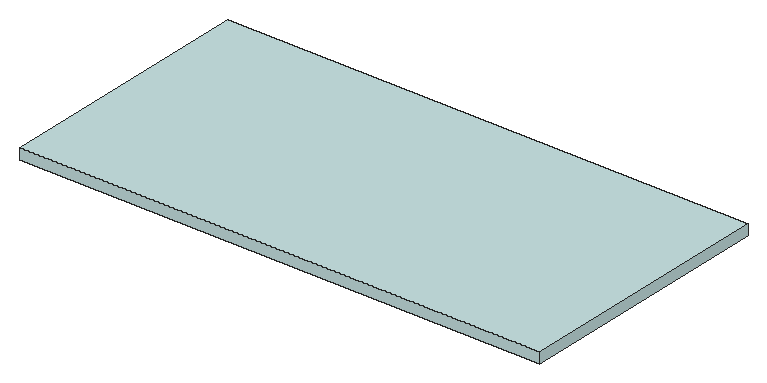
Revit family "Echo Eliminator - Composite Ceiling and Wall Panels", category Specialty Equipment, Revit 2023
Family settings
  Round Connector Dimension = Use Diameter
  Part Type = Normal
  OmniClass Number = 23.35.00.00
  OmniClass Title = Covering, Cladding, and Finishes
  Work Plane-Based = Yes
  Enable Cutting in Views = Yes
  Always vertical = No
  Cut with Voids When Loaded = No
  Maintain Annotation Orientation = No
  Shared = No
  Room Calculation Point = No
Parameters (values of type "4 INCH THICK - 24x48 - Charcoal")
  URL = "https://www.acousticalsurfaces.com/echo-eliminator/composite/"
  Type Comments = "Acoustical Panels"
  Recycled Content Percentage = "0%"
  Model = "Echo Eliminator - Composite Panels"
  Material = "Echo Eliminator - Composite"
  Manufacturer = "Acoustical Surfaces, Inc."
  Fire Rating = "ASTM E84 - Class A"
  Finish = Paint - Acoustical-Surfaces - Echo Eliminator - Marble Blue
  Width = 2' - 0"
  Length = 4' - 0"
  Description = "Acoustical Panels"
  Default Elevation = 4' - 0"
  Assembly Code = "C30"
  Acoustics - NRC = "Sound absorption varies from NRC 0.45 to 0.95 based on installation method used when tested per ASTM C423."
  A = 0' - 0"
Reference planes (in)
  plane 1 "Center (Front/Back)": y = 0
  plane 2: z = 0
  plane 3 "Center (Left/Right)": x = 0
  plane 4: x = -24
  plane 5: x = 24
  plane 6: y = 12
  plane 7: y = -12
  plane 8: z = 1
Dimensions and locks (in)
  "A": nested 1 to level
  equal spacing: plane 7, plane 1 "Center (Front/Back)", plane 6
  "Width": plane 7 to plane 6
  equal spacing: plane 4, plane 3 "Center (Left/Right)", plane 5
  "Length": plane 4 to plane 5
  plane 8 to plane 2 = 0' - 1"
  aligned and locked: level to plane 2
Nested families (in)
  nested 1: "Square" at (0, 0, 0), type "Square"
Definition of nested family "Square"
  Parameters (values of type "Square")
    Thickness = 0' - 1"
    Material = none
    Default Elevation = 0' - 0"
    B = 2' - 0"
    A = 4' - 0"
  Reference planes (in)
    plane 1 "Center (Front/Back)": y = 0
    plane 2: z = 0
    plane 3 "Center (Left/Right)": x = 0
    plane 4: x = -24
    plane 5: x = 24
    plane 6: y = 12
    plane 7: y = -12
    plane 8: z = 1
  Forms (in)
    Extrusion 1, solid, material <- "Material"
      sketch origin (0, 0, 0) x (1, 0, 0) y (0, 1, 0)
        loop
          line (24, 12) -> (-24, 12) -> (-24, -12) -> (24, -12) -> (24, 12)
      from 0 to 1
  Dimensions and locks (in)
    equal spacing: plane 4, plane 3 "Center (Left/Right)", plane 5
    equal spacing: plane 7, plane 1 "Center (Front/Back)", plane 6
    "B": plane 7 to plane 6
    "A": plane 4 to plane 5
    "Thickness": plane 8 to level
    aligned and locked: level to plane 2
    aligned and locked: Extrusion 1 sketch curve to plane 4
    aligned and locked: plane 5 to Extrusion 1 sketch curve
    aligned and locked: Extrusion 1 sketch curve to plane 6
    aligned and locked: Extrusion 1 sketch curve to plane 7
    aligned and locked: Extrusion 1 to plane 8
